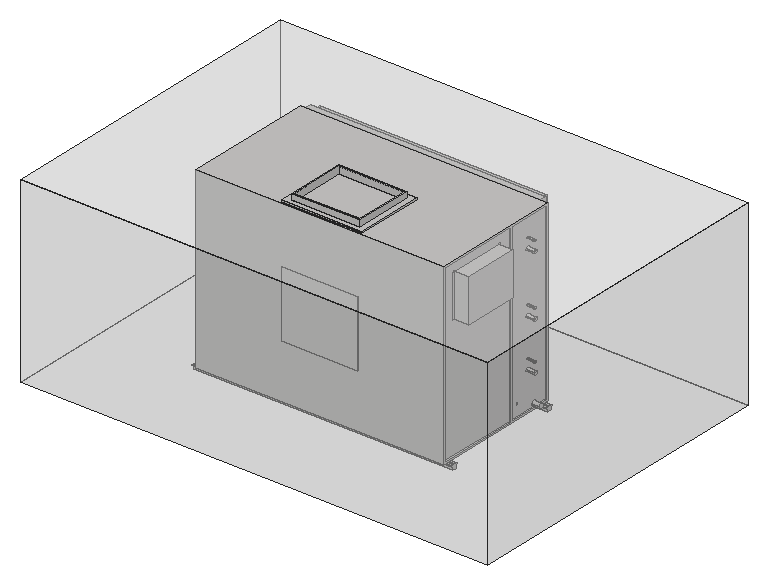
Revit family "outputfile", category 機械設備, Revit 2024
Family settings
  丸型コネクタ寸法 = 半径を使用
  パーツ タイプ = 標準
  OmniClass 番号 = 23.75.10.24.21.27.27
  OmniClass タイトル = Split System Air Conditioning Units
  作業面ベース = いいえ
  常に垂直 = はい
  ロード時にボイドで切り取り = いいえ
  注釈の向きを維持 = いいえ
  共有 = いいえ
  部屋計算ポイント = はい
Parameters (values of type "3FGN350HYL")
  Description = ""
  書き出し IFC クラス(タイプ) = "IfcUnitaryEquipmentType"
  定義済み IFC タイプ(タイプ) = "AIRCONDITIONINGUNIT"
  Cost = 0
  Type Comments = ""
  Keynote = ""
  Type Image = (empty or 0)
  Assembly Code = ""
  switch_frequency = yes
  lw_power = 1050 mm
  lw_frontpanel = 620 mm
  lw_box_front = lw_box + 18 mm  # 115 mm
  lw_box = 97 mm
  lw_RA = 981 mm
  lh_liquidpipe_3 = 424 mm
  lh_liquidpipe_2 = 819 mm
  lh_height_SA = 482 mm
  lh_ld_mountinghole_height = 35 mm
  lh_height_RA = 1326 mm
  lh_hangerfixture = 35 mm
  lh_gaspipe_3 = 344 mm
  lh_gaspipe_2 = 739 mm
  lh_frontpanel_bottom = if(Width = 1766 mm, 444 mm, if(Width = 2022 mm, 479 mm, 402 mm))  # 479 mm
  lh_frontpanel = if(Width = 1766 mm, 542 mm, if(Width = 2022 mm, 542 mm, 758 mm))  # 542 mm
  lh_circlevoid = 135.5 mm
  lh_box_top = 95 mm
  lh_box = 351 mm
  lh_SA = 1546 mm
  lh_RA = 788 mm
  ld_void = 680 mm
  ld_frontpanel = 0 mm
  ld_depth_SA = 301 mm
  ld_depth_RA = 130 mm
  ld_circlevoid = 294.5 mm
  ld_box_left = 114 mm
  ld_box = 490 mm
  connector_voltage = Voltage_60Hz  # 380 V
  connector_powerinput = [Power Input (Cooling)]  # 36.960 kW
  connector_phase = Phase_60Hz  # 3
  製造元 = "Daikin"
  モデル = "3FGN350HYL"
  w_pipe = 33 mm
  r_Liquid Pipe Size = Liquid Pipe Size / 2  # 6.35 mm
  r_Gas Pipe Size = Gas Pipe Size / 2  # 12.7 mm
  r_Drain Pipe Size = Drain Pipe Size / 2  # 17.0 mm
  lw_powersupply = lw_power  # 1050 mm
  lw_width_RA = 1852 mm
  lw_width_SA = 560 mm
  lh_suctionflange [instance] = 100 mm
  ld_suctionflange [instance] = 190 mm
  ld_powersupply = 200 mm
  angle_vertical_RA [instance] = 90.00°
  angle horizontal_RA [instance] = 180.00°
  Voltage_comment_60Hz = "380"
  Voltage_60Hz = 380 V
  URL = ""
  Sound Power Level_H speed (dB) = 0
  Phase_60Hz = 3
  Minimum External Static Pressure = 0.00 Pa
  Minimum Circuit Amps_60Hz = 0.0 A
  Maximum Fuse Amps_60Hz = 0.0 A
  Maximum External Static Pressure = 200.00 Pa
  Material_Casing = DAIKIN_GalvanizedSteel_Casing_indoorunit
  lw_liquidpipe = 1061 mm
  lw_gaspipe = 1061 mm
  lw_mountinghole_pitch = 2082 mm
  lw_mountinghole = 2122 mm
  lw_drainpipe = 1061 mm
  lh_powersupply = 1040 mm
  lh_liquidpipe = 1313 mm
  lh_gaspipe = 1233 mm
  lh_mountinghole = 5 mm
  lh_drainpipe = 73 mm
  lh_antena = Height - 4 mm  # 1482 mm
  ld_liquidpipe = 346.5 mm
  ld_gaspipe = 346.5 mm
  ld_mountinghole_pitch = 974 mm
  ld_drainpipe = 405.5 mm
  ld_controlbox = 626 mm
  h*** = 0 mm  # constant formula
  d_dischargeflange = 60 mm
  Width = 2022 mm
  Version = "ver.1.0"
  Unit Type = "Duct"
  Unit Mass Weight = 431.00 kg
  Unit Designation [instance] = ""
  Uniclass2015Version = "Products v1.30"
  Uniclass2015Title = "Split coil room air conditioning units"
  Uniclass2015Code = "Pr_70_65_03_86"
  Total Cooling Capacity [instance] = 0.000 kW
  Sound Pressure Level_M speed (dBA) = 0
  Sound Pressure Level_L speed (dBA) = 0
  Sound Pressure Level_H speed (dBA) = 66
  Series = "Package Aircon_Fan Coil Unit"
  Sensible Cooling Capacity [instance] = 0.000 kW
  SA Duct Size Width = 560 mm
  SA Duct Size Height = 482 mm
  Refrigerant Type = "R410A"
  RA Duct Size Width = 1852 mm
  RA Duct Size Height = 1326 mm
  Power Input (Cooling) = 36.960 kW
  Option Accessory 3 [instance] = ""
  Option Accessory 2 [instance] = ""
  Option Accessory 1 [instance] = ""
  Nominal Cooling Capacity = 100.234 kW
  Minimum Airflow = 0.00 m³/h
  Median Airflow = 0.00 m³/h
  Maximum Airflow = 17840.00 m³/h
  Load Classification = HVAC
  Liquid Pipe Size = 12.7 mm
  Link_Nested Family [instance] = ""
  IfcVersion = ""
  IfcExportType = "AIRCONDITIONINGUNIT"
  IfcExportAs = "IfcUnitaryEquipmentType"
  Height = 1486 mm
  Heat Exchanger Type = "Cross Fin Coil"
  Gas Pipe Size = 25.4 mm
  Frequency_60Hz = 60 Hz
  Fan Type = "Sirocco Fan"
  Fan Drive = "-"
  FCU Tag No. [instance] = ""
  Drain Pipe Size = 34.0 mm
  Design Supply Airflow [instance] = 0.00 m³/h
  Design Return Airflow [instance] = 0.00 m³/h
  Design External Static Pressure [instance] = 0.00 Pa
  Depth = 1069 mm
  既定の高さ = 0 mm
  Cooling Entering Wet Bulb Temperature [instance] = 0.00 °C
  Cooling Entering Dry Bulb Temperature [instance] = 0.00 °C
  Cooling Ambient Wet Bulb Temperature [instance] = 0.00 °C
  Cooling Ambient Dry Bulb Temperature [instance] = 0.00 °C
  Clearance visibility [instance] = yes
  Clearance Top = 0 mm
  Clearance Right = 1000 mm
  Clearance Rear = 800 mm
  Clearance Left = 800 mm
  Clearance Front = 800 mm
  Clearance Bottom = 0 mm
Reference planes
  plane 1 "Center (Front/Back)": y = 0
  plane 2: z = 0
  plane 3 "Center (Left/Right)": x = 0
  plane 4 "Back": y = 534.5
  plane 5 "Front": y = -534.5
  plane 6 "Left": x = -1011
  plane 7 "Right": x = 1011
  plane 8 "Top": z = 0
  plane 9 "Bottom": z = -1486
  plane 10: z = -173
  plane 11: z = -253
  plane 12: x = -1041
  plane 13: x = 1041
  plane 14: x = 1061
  plane 15: x = 1061
  plane 16: z = -1481
  plane 17 "Clearance Left": x = -1811
  plane 18 "Clearance Right": x = 2011
  plane 19 "Clearance Rear": y = 1334.5
  plane 20 "Clearance Front": y = -1334.5
  plane 21 "Clearance Bottom": z = -1486
  plane 22: z = -1413
  plane 23 "ld_gas": y = 346.5
  plane 24: y = 346.5
  plane 25: y = -30
  plane 26: y = 405.5
  plane 27: y = 344.5
  plane 28: x = 1061
  plane 29: y = 487
  plane 30: y = -487
  plane 31: y = -233.5
  plane 32: y = 664.5
  plane 33 "Clearance Top": z = 0
  plane 34: z = -446
  plane 35: y = -200
  plane 36 "hangerfixture": z = -1451
  plane 37 "lh_SA": z = 60
  plane 38 "lh_RA": z = -698
  plane 39 "RA_center": x = -30
  plane 40: y = -524.5
  plane 41: y = 155.5
  plane 42: y = 524.5
  plane 43: z = -10
  plane 44: z = -1441
  plane 45: y = 165.5
  plane 46: y = -524.5
  plane 47: y = 155.5
  plane 48: y = 524.5
  plane 49: z = -10
  plane 50: z = -1441
  plane 51: y = 165.5
  plane 52: x = 993
  plane 53: x = 1108
  plane 54: y = -420.5
  plane 55: y = -400.5
  plane 56: y = 49.5
  plane 57: y = 69.5
  plane 58 "box_bottom": z = -446
  plane 59 "box_top": z = -95
  plane 60: x = -310
  plane 61: x = 310
  plane 62: y = -534.5
  plane 63: y = -524.5
  plane 64 "lw_power": x = 1050
  plane 65: z = -667
  plane 66: z = -747
  plane 67: z = -1062
  plane 68: z = -1142
  plane 69: x = 991
  plane 70: x = -991
  plane 71: z = -1007
  plane 72: z = -465
Forms (mm)
  Extrusion 1, solid, material "DAIKIN_GalvanizedSteel_Casing_indoorunit" <- "Material_Casing"
    sketch origin (0, -0.8, 0) x (1, 0, 0) y (0, 1, 0)
      loop
        line (-1011, -533.7) -> (1011, -533.7) -> (1011, 535.3) -> (-1011, 535.3) -> (-1011, -533.7)
    from -1451 to 0
  Revolve 2, solid, material "DAIKIN_GalvanizedSteel_Casing_indoorunit" <- "Material_Casing"
    sketch origin (0, 0, -253) x (0, -1, 0) y (1, 0, 0)
      loop
        line (-333.8, 991) -> (-333.8, 1061) -> (-346.5, 1061) -> (-346.5, 991) -> (-333.8, 991)
      axis (-346.5, 991) -> (-346.5, 1061)
    angle from 0 to 360
  Revolve 3, solid, material "DAIKIN_GalvanizedSteel_Casing_indoorunit" <- "Material_Casing"
    sketch origin (0, 0, -173) x (0, -1, 0) y (1, 0, 0)
      loop
        line (-346.5, 991) -> (-346.5, 1061) -> (-352.85, 1061) -> (-352.85, 991) -> (-346.5, 991)
      axis (-346.5, 1061) -> (-346.5, 991)
    angle from 0 to 360
  Extrusion 4, solid, material "DAIKIN_GalvanizedSteel_Casing_indoorunit" <- "Material_Casing"
    sketch origin (0, 0, 0) x (0, 1, 0) y (0, 0, 1)
      loop
        circle (405.5, -1413) r 17
    from 1061 to 991
  Extrusion 5, void
    sketch origin (1011, 0, 0) x (0, 1, 0) y (0, 0, 1)
      loop
        line (-524.5, -10) -> (-524.5, -1441) -> (155.5, -1441) -> (155.5, -10) -> (-524.5, -10)
      loop
        line (524.5, -10) -> (165.5, -10) -> (165.5, -1441) -> (524.5, -1441) -> (524.5, -10)
    from 0 to -20
  Extrusion 6, void
    sketch origin (-1011, 0, 0) x (0, 1, 0) y (0, 0, 1)
      loop
        line (-524.5, -10) -> (-524.5, -1441) -> (155.5, -1441) -> (155.5, -10) -> (-524.5, -10)
      loop
        line (524.5, -10) -> (165.5, -10) -> (165.5, -1441) -> (524.5, -1441) -> (524.5, -10)
    from 0 to 20
  Extrusion 7, solid, material "DAIKIN_GalvanizedSteel_Casing_indoorunit" <- "Material_Casing"
    sketch origin (0, 0, 0) x (1, 0, 0) y (0, 1, 0)
      loop
        line (991, -420.5) -> (993, -420.5) -> (993, -400.5) -> (1108, -400.5) -> (1108, 49.5) -> (993, 49.5) -> (993, 69.5) -> (991, 69.5) -> (991, -420.5)
    from -446 to -95
  Extrusion 8, solid, material "DAIKIN_GalvanizedSteel_Casing_indoorunit" <- "Material_Casing"
    sketch origin (0, 0, -1486) x (-1, 0, 0) y (0, -1, 0)
      loop
        line (310, 524.5) -> (310, 534.5) -> (-310, 534.5) -> (-310, 524.5) -> (310, 524.5)
    from 479 to 1021
  Revolve 9, solid, material "DAIKIN_GalvanizedSteel_Casing_indoorunit" <- "Material_Casing"
    sketch origin (0, 0, -747) x (0, -1, 0) y (1, 0, 0)
      loop
        line (-333.8, 991) -> (-333.8, 1061) -> (-346.5, 1061) -> (-346.5, 991) -> (-333.8, 991)
      axis (-346.5, 991) -> (-346.5, 1061)
    angle from 0 to 360
  Revolve 10, solid, material "DAIKIN_GalvanizedSteel_Casing_indoorunit" <- "Material_Casing"
    sketch origin (0, 0, -667) x (0, -1, 0) y (1, 0, 0)
      loop
        line (-346.5, 991) -> (-346.5, 1061) -> (-352.85, 1061) -> (-352.85, 991) -> (-346.5, 991)
      axis (-346.5, 1061) -> (-346.5, 991)
    angle from 0 to 360
  Extrusion 11, void
    sketch origin (1011, 0, 0) x (0, 1, 0) y (0, 0, 1)
      loop
        circle (240, -1350.5) r 13.5
    from -21 to 0
  Revolve 12, solid, material "DAIKIN_GalvanizedSteel_Casing_indoorunit" <- "Material_Casing"
    sketch origin (0, 0, -1142) x (0, -1, 0) y (1, 0, 0)
      loop
        line (-333.8, 991) -> (-333.8, 1061) -> (-346.5, 1061) -> (-346.5, 991) -> (-333.8, 991)
      axis (-346.5, 991) -> (-346.5, 1061)
    angle from 0 to 360
  Revolve 13, solid, material "DAIKIN_GalvanizedSteel_Casing_indoorunit" <- "Material_Casing"
    sketch origin (0, 0, -1062) x (0, -1, 0) y (1, 0, 0)
      loop
        line (-346.5, 991) -> (-346.5, 1061) -> (-352.85, 1061) -> (-352.85, 991) -> (-346.5, 991)
      axis (-346.5, 1061) -> (-346.5, 991)
    angle from 0 to 360
Cuts and joins
  Extrusion 5, Extrusion 6, Extrusion 11 cuts Extrusion 1
  Extrusion 6 cuts Revolve 2
  Extrusion 6 cuts Revolve 3
  Extrusion 6 cuts Extrusion 4
Dimensions and locks
  equal spacing: plane 12, plane 3 "Center (Left/Right)", plane 13
  "lw_mountinghole_pitch": plane 12 to plane 13
  "lh_liquidpipe": plane 10 to plane 9 "Bottom"
  "lh_gaspipe": plane 11 to plane 9 "Bottom"
  equal spacing: plane 6 "Left", plane 3 "Center (Left/Right)", plane 7 "Right"
  "Width": plane 6 "Left" to plane 7 "Right"
  "Clearance Right": plane 7 "Right" to plane 18 "Clearance Right"
  "Clearance Left": plane 17 "Clearance Left" to plane 6 "Left"
  "Clearance Rear": plane 19 "Clearance Rear" to plane 4 "Back"
  "Clearance Front": plane 5 "Front" to plane 20 "Clearance Front"
  "Depth": plane 4 "Back" to plane 5 "Front"
  equal spacing: plane 4 "Back", plane 1 "Center (Front/Back)", plane 5 "Front"
  "ld_suctionflange": plane 4 "Back" to plane 27
  "r_Liquid Pipe Size": nested 5 to Revolve 3 sketch curve
  equal spacing: plane 29, plane 1 "Center (Front/Back)", plane 30
  "ld_mountinghole_pitch": plane 29 to plane 30
  "lw_liquidpipe": plane 3 "Center (Left/Right)" to plane 14
  "lw_gaspipe": plane 3 "Center (Left/Right)" to plane 15
  "lw_drainpipe": plane 3 "Center (Left/Right)" to plane 28
  "lh_drainpipe": plane 22 to plane 9 "Bottom"
  "Clearance Top": plane 33 "Clearance Top" to plane 8 "Top"
  "Clearance Bottom": plane 9 "Bottom" to plane 21 "Clearance Bottom"
  "lh_powersupply": plane 34 to plane 9 "Bottom"
  plane 8 "Top" to level = 0 mm
  "lh_hangerfixture": plane 36 "hangerfixture" to plane 9 "Bottom"
  "lh_SA": plane 37 "lh_SA" to plane 9 "Bottom"
  "ld_depth_RA": plane 32 to plane 4 "Back"
  "lh_RA": plane 38 "lh_RA" to plane 9 "Bottom"
  "lw_RA": plane 6 "Left" to plane 39 "RA_center"
  locked: plane 36 "hangerfixture" to plane 44 at 10
  plane 5 "Front" to plane 40 = 10 mm
  locked: plane 8 "Top" to plane 43 at 10
  plane 42 to plane 4 "Back" = 10 mm
  "ld_void": plane 40 to plane 41
  "ld_void": plane 46 to plane 47
  plane 5 "Front" to plane 46 = 10 mm
  plane 48 to plane 4 "Back" = 10 mm
  locked: plane 8 "Top" to plane 49 at 10
  locked: plane 50 to plane 36 "hangerfixture" at 10
  "ld_box_left": plane 54 to plane 5 "Front"
  "ld_box": plane 57 to plane 54
  locked: plane 55 to plane 54 at 20
  locked: plane 57 to plane 56 at 20
  "lw_box": plane 7 "Right" to plane 53
  "lh_box_top": plane 8 "Top" to plane 59 "box_top"
  "lh_box": plane 59 "box_top" to plane 58 "box_bottom"
  equal spacing: plane 60, plane 3 "Center (Left/Right)", plane 61
  "lw_power": plane 3 "Center (Left/Right)" to plane 64 "lw_power"
  "lh_gaspipe_2": plane 66 to plane 9 "Bottom"
  "lh_liquidpipe_2": plane 65 to plane 9 "Bottom"
  "ld_powersupply": plane 35 to plane 1 "Center (Front/Back)"
  "ld_drainpipe": plane 26 to plane 1 "Center (Front/Back)"
  "ld_gaspipe": plane 23 "ld_gas" to plane 1 "Center (Front/Back)"
  "r_Gas Pipe Size": plane 23 "ld_gas" to Revolve 9 sketch curve
  "r_Gas Pipe Size": plane 23 "ld_gas" to Revolve 2 sketch curve
  "r_Liquid Pipe Size": Revolve 10 sketch curve to plane 24
  "ld_liquidpipe": plane 24 to plane 1 "Center (Front/Back)"
  "ld_depth_SA": plane 31 to plane 5 "Front"
  "lh_circlevoid": Extrusion 11 sketch curve to plane 9 "Bottom"
  "Height": plane 8 "Top" to plane 9 "Bottom"
  "lh_mountinghole": plane 16 to plane 9 "Bottom"
  "lh_gaspipe_3": plane 68 to plane 9 "Bottom"
  "lh_liquidpipe_3": plane 67 to plane 9 "Bottom"
  "ld_circlevoid": Extrusion 11 sketch curve to plane 4 "Back"
  "lw_box_front": plane 52 to plane 53
  locked: plane 69 to plane 7 "Right" at 20
  locked: plane 6 "Left" to plane 70 at 20
  "lh_frontpanel_bottom": plane 71 to plane 9 "Bottom"
  "lh_frontpanel": plane 72 to plane 71
  "r_Gas Pipe Size": plane 24 to Revolve 12 sketch curve
  "r_Liquid Pipe Size": Revolve 13 sketch curve to plane 24
  "lw_frontpanel": plane 60 to plane 61
  locked: plane 63 to plane 5 "Front" at 10
  "ld_frontpanel": plane 5 "Front" to plane 62
  locked: plane 41 to plane 45 at 10
  locked: plane 47 to plane 51 at 10
  "r_Drain Pipe Size": radius of Extrusion 4 sketch curve
  diameter of Extrusion 11 sketch curve = 27 mm
  aligned and locked: level to plane 2
  aligned and locked: plane 8 "Top" to Extrusion 1
  aligned and locked: Revolve 2 sketch curve to Revolve 2 sketch curve
  aligned and locked: plane 14 to nested 5
  aligned and locked: nested 5 to plane 10
  aligned and locked: plane 13 to nested 2
  aligned and locked: plane 12 to nested 3
  aligned and locked: plane 12 to nested 4
  aligned and locked: nested 6 to plane 11
  aligned and locked: plane 23 "ld_gas" to nested 6
  aligned and locked: plane 24 to nested 5
  aligned and locked: Extrusion 4 sketch curve to plane 26
  aligned and locked: nested 10 to plane 19 "Clearance Rear"
  aligned and locked: nested 10 to plane 18 "Clearance Right"
  aligned and locked: nested 10 to plane 17 "Clearance Left"
  aligned and locked: nested 10 to plane 20 "Clearance Front"
  aligned and locked: plane 28 to Extrusion 4
  aligned and locked: plane 15 to nested 6
  aligned and locked: plane 13 to nested 1
  aligned and locked: plane 26 to nested 7
  aligned and locked: nested 7 to plane 22
  aligned and locked: nested 7 to plane 28
  aligned and locked: plane 29 to nested 1
  aligned and locked: plane 30 to nested 2
  aligned and locked: nested 4 to plane 29
  aligned and locked: nested 3 to plane 30
  aligned and locked: nested 9 to plane 4 "Back"
  aligned and locked: plane 32 to nested 13
  aligned and locked: plane 3 "Center (Left/Right)" to nested 12
  aligned and locked: nested 10 to plane 33 "Clearance Top"
  aligned and locked: nested 10 to plane 21 "Clearance Bottom"
  aligned and locked: nested 11 to plane 9 "Bottom"
  aligned and locked: plane 36 "hangerfixture" to Extrusion 1
  aligned and locked: Extrusion 1 to plane 5 "Front"
  aligned and locked: Extrusion 1 to plane 4 "Back"
  aligned and locked: plane 38 "lh_RA" to nested 9
  aligned and locked: nested 13 to plane 38 "lh_RA"
  aligned and locked: plane 39 "RA_center" to nested 9
  aligned and locked: nested 13 to plane 39 "RA_center"
  aligned and locked: Extrusion 5 sketch curve to plane 43
  aligned and locked: Extrusion 5 sketch curve to plane 40
  aligned and locked: plane 44 to Extrusion 5 sketch curve
  aligned and locked: Extrusion 5 sketch curve to plane 41
  aligned and locked: plane 43 to Extrusion 5 sketch curve
  aligned and locked: Extrusion 5 sketch curve to plane 42
  aligned and locked: Extrusion 5 sketch curve to plane 44
  aligned and locked: Extrusion 5 sketch curve to plane 45
  aligned and locked: Extrusion 6 sketch curve to plane 49
  aligned and locked: Extrusion 6 sketch curve to plane 46
  aligned and locked: plane 50 to Extrusion 6 sketch curve
  aligned and locked: Extrusion 6 sketch curve to plane 47
  aligned and locked: plane 49 to Extrusion 6 sketch curve
  aligned and locked: Extrusion 6 sketch curve to plane 48
  aligned and locked: Extrusion 6 sketch curve to plane 50
  aligned and locked: Extrusion 6 sketch curve to plane 51
  aligned and locked: cut or joined group of Extrusion 1, Extrusion 5, Extrusion 6, Extrusion 11 to Extrusion 7 sketch curve
  aligned and locked: plane 57 to Extrusion 7 sketch curve
  aligned and locked: plane 53 to Extrusion 7 sketch curve
  aligned and locked: Extrusion 7 sketch curve to plane 54
  aligned and locked: plane 59 "box_top" to Extrusion 7
  aligned and locked: Extrusion 7 to plane 58 "box_bottom"
  aligned and locked: Extrusion 8 sketch curve to plane 63
  aligned and locked: Extrusion 8 sketch curve to plane 60
  aligned and locked: plane 62 to Extrusion 8 sketch curve
  aligned and locked: plane 61 to Extrusion 8 sketch curve
  aligned and locked: Revolve 9 sketch curve to Revolve 9 sketch curve
  aligned and locked: nested 15 to plane 65
  aligned and locked: nested 16 to plane 66
  aligned and locked: plane 14 to Revolve 10
  aligned and locked: nested 15 to plane 14
  aligned and locked: cut or joined group of Revolve 2, Extrusion 6 to plane 15  (x3)
  aligned and locked: nested 6 to plane 15
  aligned and locked: plane 15 to cut or joined group of Revolve 2, Extrusion 6
  aligned and locked: nested 14 to plane 35
  aligned and locked: Revolve 2 sketch curve to plane 23 "ld_gas"
  aligned and locked: plane 23 "ld_gas" to nested 16
  aligned and locked: plane 24 to nested 15
  aligned and locked: plane 37 "lh_SA" to nested 12
  aligned and locked: plane 37 "lh_SA" to nested 8
  aligned and locked: plane 31 to nested 12
  aligned and locked: plane 31 to nested 8
  aligned and locked: cut or joined group of Extrusion 1, Extrusion 5, Extrusion 6, Extrusion 11 to cut or joined group of Extrusion 4, Extrusion 6
  aligned and locked: cut or joined group of Extrusion 1, Extrusion 5, Extrusion 6, Extrusion 11 to Revolve 10
  aligned and locked: Revolve 9 to cut or joined group of Extrusion 1, Extrusion 5, Extrusion 6, Extrusion 11
  aligned and locked: cut or joined group of Extrusion 1, Extrusion 5, Extrusion 6, Extrusion 11 to cut or joined group of Revolve 3, Extrusion 6
  aligned and locked: cut or joined group of Revolve 2, Extrusion 6 to cut or joined group of Extrusion 1, Extrusion 5, Extrusion 6, Extrusion 11
  aligned and locked: plane 52 to Extrusion 7 sketch curve
  aligned and locked: Extrusion 7 sketch curve to plane 55
  aligned and locked: Extrusion 7 sketch curve to plane 56
  aligned and locked: Extrusion 7 sketch curve to plane 52
  aligned and locked: nested 14 to plane 64 "lw_power"
  aligned and locked: nested 14 to plane 34
  aligned and locked: Revolve 12 sketch curve to Revolve 12 sketch curve
  aligned and locked: nested 17 to plane 67
  aligned and locked: nested 18 to plane 68
  aligned and locked: plane 70 to cut or joined group of Extrusion 1, Extrusion 5, Extrusion 6, Extrusion 11
  aligned and locked: Extrusion 5 to plane 69
  aligned and locked: plane 24 to nested 17
  aligned and locked: plane 23 "ld_gas" to nested 18
  aligned and locked: Extrusion 8 to plane 71
  aligned and locked: plane 72 to Extrusion 8
Automatic sketch dimensions
  Extrusion 1 sketch curve to plane 4 "Back" = 0 mm
  Extrusion 1 sketch curve to plane 6 "Left" = 0 mm
  Extrusion 1 sketch curve to plane 5 "Front" = 0 mm
  Extrusion 1 sketch curve to plane 7 "Right" = 0 mm
  Revolve 3 sketch curve to plane 23 "ld_gas" = 0 mm  (x2)
  Revolve 3 sketch curve to plane 14 = 0 mm  (x2)
  Revolve 3 sketch curve to plane 7 "Right" = 20 mm
  plane 7 "Right" to Revolve 3 sketch curve = 15 mm
  Extrusion 4 sketch curve to plane 22 = 0 mm
  Revolve 10 sketch curve to plane 23 "ld_gas" = 0 mm  (x2)
  Revolve 10 sketch curve to plane 14 = 0 mm  (x2)
  Revolve 10 sketch curve to plane 7 "Right" = 20 mm
  plane 7 "Right" to Revolve 10 sketch curve = 15 mm
  Revolve 13 sketch curve to plane 14 = 0 mm  (x2)
  Revolve 13 sketch curve to plane 23 "ld_gas" = 0 mm  (x2)
  Revolve 13 sketch curve to plane 7 "Right" = 20 mm
  plane 7 "Right" to Revolve 13 sketch curve = 15 mm
  Revolve 2 sketch curve to plane 69 = 0 mm
  Revolve 2 sketch curve to plane 14 = 0 mm
  plane 7 "Right" to Revolve 2 sketch curve = 2.003 mm
  plane 14 to Revolve 2 sketch curve = 1.003 mm
  Revolve 9 sketch curve to plane 23 "ld_gas" = 0 mm
  Revolve 9 sketch curve to plane 69 = 0 mm
  Revolve 9 sketch curve to plane 14 = 0 mm
  plane 7 "Right" to Revolve 9 sketch curve = 2.003 mm
  plane 14 to Revolve 9 sketch curve = 1.003 mm
  Revolve 12 sketch curve to plane 23 "ld_gas" = 0 mm
  Revolve 12 sketch curve to plane 69 = 0 mm
  Revolve 12 sketch curve to plane 14 = 0 mm
  plane 7 "Right" to Revolve 12 sketch curve = 2.003 mm
  plane 14 to Revolve 12 sketch curve = 1.003 mm
Nested families
  nested 1: "daikin_mountinghole" at (1041, 487, -1486), Link_Nested Family <- "Link_Nested Family", h_mountinghole <- "lh_mountinghole", l_antenna <- "lh_antena", type "daikin_mountinghole"
    with show yes, l_antenna 1482 mm, h_mountinghole 5 mm, Link_Nested Family "", d_circle 23 mm
  nested 2: "daikin_mountinghole" at (1041, -487, -1486), Link_Nested Family <- "Link_Nested Family", h_mountinghole <- "lh_mountinghole", l_antenna <- "lh_antena", type "daikin_mountinghole"
    with show yes, l_antenna 1482 mm, h_mountinghole 5 mm, Link_Nested Family "", d_circle 23 mm
  nested 3: "daikin_mountinghole" at (-1041, -487, -1486), Link_Nested Family <- "Link_Nested Family", h_mountinghole <- "lh_mountinghole", l_antenna <- "lh_antena", type "daikin_mountinghole"
    with show yes, l_antenna 1482 mm, h_mountinghole 5 mm, Link_Nested Family "", d_circle 23 mm
  nested 4: "daikin_mountinghole" at (-1041, 487, -1486), Link_Nested Family <- "Link_Nested Family", h_mountinghole <- "lh_mountinghole", l_antenna <- "lh_antena", type "daikin_mountinghole"
    with show yes, l_antenna 1482 mm, h_mountinghole 5 mm, Link_Nested Family "", d_circle 23 mm
  nested 5: "daikin_connector_rotate2" at (0, 346.5, -173) x (0, 1, 0) z (0, 0, 1), length <- "lw_liquidpipe", built-in parameter 1001364 <- "lh_liquidpipe", radius <- "r_Liquid Pipe Size", type "daikin_connector_rotate2"
    with radius 6.35 mm, length 1061 mm, angle_vertical 90.00°
  nested 6: "daikin_connector_rotate2" at (0, 346.5, -253) x (0, 1, 0) z (0, 0, 1), length <- "lw_gaspipe", built-in parameter 1001364 <- "lh_gaspipe", radius <- "r_Gas Pipe Size", type "daikin_connector_rotate2"
    with radius 12.7 mm, length 1061 mm, angle_vertical 90.00°
  nested 7: "daikin_connector_rotate2" at (0, 405.5, -1413) x (0, 1, 0) z (0, 0, 1), built-in parameter 1001364 <- "lh_drainpipe", length <- "lw_drainpipe", radius <- "r_Drain Pipe Size", type "daikin_connector_rotate2"
    with radius 17 mm, length 1061 mm, angle_vertical 90.00°
  nested 8: "daikin_connector_rotate2" at (0, -233.5, 0) x (1, 0, 0) z (0, 1, 0), length <- "d_dischargeflange", type "daikin_connector_rotate2"
    with radius 10 mm, length 60 mm, angle_vertical 90.00°
  nested 9: "daikin_ductflange_3FGN-HYL" at (-30, 534.5, -698), material <- "Material_Casing", width <- "lw_width_RA", height <- "lh_height_RA", depth <- "ld_depth_RA", type "daikin_ductflange_3FGN-HYL"
    with x 35 mm, width 1852 mm, material DAIKIN_GalvanizedSteel_Casing_indoorunit, height 1326 mm, depth 130 mm
  nested 10: "daikin_clearancespace" at (100, 0, -742.881), visible <- "Clearance visibility", show <- "Clearance visibility", Link_Nested Family <- "Link_Nested Family", type "daikin_clearancespace"
    with width 3822 mm, show yes, height 1486 mm, depth 2669 mm, Link_Nested Family ""
  nested 11: "daikin_hangerfixture_3FGN-HYL" at (0, 0, -1486), type "daikin_hangerfixture_3FGN-HYL"
    with width 2082 mm, G 2122 mm
  nested 12: "daikin_ductflange_3FGN-HYL_1" at (0, -422.901, 0) x (1, 0, 0) z (0, 1, 0), width <- "lw_width_SA", material <- "Material_Casing", height <- "lh_height_SA", depth <- "d_dischargeflange", type "daikin_ductflange_3FGN-HYL_1"
    with width 560 mm, t 10 mm, material DAIKIN_GalvanizedSteel_Casing_indoorunit, height 482 mm, depth 60 mm
  nested 13: "daikin_connector_rotate2" at (-30, 534.5, -698) x (-1, 0, 0) z (0, 0, 1), length <- "ld_depth_RA", type "daikin_connector_rotate2"
    with radius 10 mm, length 130 mm, angle_vertical 90.00°
  nested 14: "daikin_connector_rotate2" at (1050, -200, -95) x (0, 1, 0) z (1, 0, 0), length <- "lh_box", type "daikin_connector_rotate2"
    with radius 10 mm, length 351 mm, angle_vertical 90.00°
  nested 15: "daikin_connector_rotate2" at (0, 346.5, -667) x (0, 1, 0) z (0, 0, 1), length <- "lw_liquidpipe", built-in parameter 1001364 <- "lh_liquidpipe", radius <- "r_Liquid Pipe Size", type "daikin_connector_rotate2"
    with radius 6.35 mm, length 1061 mm, angle_vertical 90.00°
  nested 16: "daikin_connector_rotate2" at (0, 346.5, -747) x (0, 1, 0) z (0, 0, 1), length <- "lw_gaspipe", built-in parameter 1001364 <- "lh_gaspipe", radius <- "r_Gas Pipe Size", type "daikin_connector_rotate2"
    with radius 12.7 mm, length 1061 mm, angle_vertical 90.00°
  nested 17: "daikin_connector_rotate2" at (0, 346.5, -1062) x (0, 1, 0) z (0, 0, 1), length <- "lw_liquidpipe", built-in parameter 1001364 <- "lh_liquidpipe", radius <- "r_Liquid Pipe Size", type "daikin_connector_rotate2"
    with radius 6.35 mm, length 1061 mm, angle_vertical 90.00°
  nested 18: "daikin_connector_rotate2" at (0, 346.5, -1142) x (0, 1, 0) z (0, 0, 1), length <- "lw_gaspipe", built-in parameter 1001364 <- "lh_gaspipe", radius <- "r_Gas Pipe Size", type "daikin_connector_rotate2"
    with radius 12.7 mm, length 1061 mm, angle_vertical 90.00°
Connectors
  piping at (1061, 346.5, -253), diameter 25.4, driven by "r_Gas Pipe Size"
    settings: on nested 6, index 1, connector inside diameter 609.6 mm, connector length 0 mm, flow factor 0, pipe flow 0.00 m³/h, pressure drop 0.0 Pa, fitting loss kfactor 0, connector angle 0.00°, fixture units 0, engagement length 0 mm, angle of deflection 0.00°, flow configuration 1, flow direction 2, fitting loss method 0, system type 29, joint type 0, gender type 0, connector reference index -1, connector utility 0, adjustable connector no, is connector primary yes, connector description "Refrigerant Gas Piping"
  piping at (1061, 346.5, -173), diameter 12.7, driven by "r_Liquid Pipe Size"
    settings: on nested 5, index 2, connector inside diameter 609.6 mm, connector length 0 mm, flow factor 0, pipe flow 0.00 m³/h, pressure drop 0.0 Pa, fitting loss kfactor 0, connector angle 0.00°, fixture units 0, engagement length 0 mm, angle of deflection 0.00°, flow configuration 1, flow direction 1, fitting loss method 0, system type 29, joint type 0, gender type 0, connector reference index -1, connector utility 0, adjustable connector no, is connector primary no, connector description "Refrigerant Liquid Piping"
  piping at (1061, 405.5, -1413), diameter 34, driven by "r_Drain Pipe Size"
    settings: on nested 7, index 3, connector inside diameter 609.6 mm, connector length 0 mm, flow factor 0, pipe flow 0.00 m³/h, pressure drop 0.0 Pa, fitting loss kfactor 0, connector angle 0.00°, fixture units 0, engagement length 0 mm, angle of deflection 0.00°, flow configuration 1, flow direction 2, fitting loss method 4, system type 16, joint type 0, gender type 0, connector reference index -1, connector utility 0, adjustable connector no, is connector primary no, connector description "Condensate Drain Piping"
  hvac at (0, -233.5, 60), driven by "SA Duct Size Height", driven by "SA Duct Size Width"
    settings: on nested 8, index 7, duct flow 0.00 m³/h, flow factor 0, pres drop 0.00 Pa, loss coef 0, conn angle 0.00°, conn width 560.0 mm, conn height 482.0 mm, conn diameter 609.6 mm, duct sys type 1, conn prof type 1, flow config 0, flow direction 2, loss method 4, conn ref index -1, conn util no, is conn primary yes, conn desc "SA Duct"
  hvac at (-30, 664.5, -698), driven by "RA Duct Size Width", driven by "RA Duct Size Height"
    settings: on nested 13, index 8, duct flow 0.00 m³/h, flow factor 0, pres drop 0.00 Pa, loss coef 0, conn angle 0.00°, conn width 1852.0 mm, conn height 1326.0 mm, conn diameter 609.6 mm, duct sys type 2, conn prof type 1, flow config 0, flow direction 1, loss method 4, conn ref index -1, conn util no, is conn primary no, conn desc "RA Duct"
  electrical at (1050, -200, -446), driven by "Load Classification", driven by "connector_phase", driven by "connector_powerinput", driven by "connector_voltage"
    settings: on nested 14, index 9, voltage 380 V, apparent load 36960 VA, apparent load phase1 0 VA, apparent load phase2 0 VA, apparent load phase3 0 VA, power factor 1, load classification "HVAC", number of poles 3, system type 30, power factor state 1, is connector primary yes, connector utility no, sub classification motor no, connector description "Power Supply"
  piping at (1061, 346.5, -747), diameter 25.4, driven by "r_Gas Pipe Size"
    settings: on nested 16, index 10, connector inside diameter 609.6 mm, connector length 0 mm, flow factor 0, pipe flow 0.00 m³/h, pressure drop 0.0 Pa, fitting loss kfactor 0, connector angle 0.00°, fixture units 0, engagement length 0 mm, angle of deflection 0.00°, flow configuration 1, flow direction 2, fitting loss method 0, system type 29, joint type 0, gender type 0, connector reference index -1, connector utility 0, adjustable connector no, is connector primary no, connector description "Refrigerant Gas Piping"
  piping at (1061, 346.5, -667), diameter 12.7, driven by "r_Liquid Pipe Size"
    settings: on nested 15, index 11, connector inside diameter 609.6 mm, connector length 0 mm, flow factor 0, pipe flow 0.00 m³/h, pressure drop 0.0 Pa, fitting loss kfactor 0, connector angle 0.00°, fixture units 0, engagement length 0 mm, angle of deflection 0.00°, flow configuration 1, flow direction 1, fitting loss method 0, system type 29, joint type 0, gender type 0, connector reference index -1, connector utility 0, adjustable connector no, is connector primary no, connector description "Refrigerant Liquid Piping"
  piping at (1061, 346.5, -1142), diameter 25.4, driven by "r_Gas Pipe Size"
    settings: on nested 18, index 12, connector inside diameter 609.6 mm, connector length 0 mm, flow factor 0, pipe flow 0.00 m³/h, pressure drop 0.0 Pa, fitting loss kfactor 0, connector angle 0.00°, fixture units 0, engagement length 0 mm, angle of deflection 0.00°, flow configuration 1, flow direction 2, fitting loss method 0, system type 29, joint type 0, gender type 0, connector reference index -1, connector utility 0, adjustable connector no, is connector primary no, connector description "Refrigerant Gas Piping"
  piping at (1061, 346.5, -1062), diameter 12.7, driven by "r_Liquid Pipe Size"
    settings: on nested 17, index 13, connector inside diameter 609.6 mm, connector length 0 mm, flow factor 0, pipe flow 0.00 m³/h, pressure drop 0.0 Pa, fitting loss kfactor 0, connector angle 0.00°, fixture units 0, engagement length 0 mm, angle of deflection 0.00°, flow configuration 1, flow direction 1, fitting loss method 0, system type 29, joint type 0, gender type 0, connector reference index -1, connector utility 0, adjustable connector no, is connector primary no, connector description "Refrigerant Liquid Piping"
Definition of nested family "daikin_ductflange_3FGN-HYL"
  Parameters (values of type "daikin_ductflange_2FGN-HTL")
    x [instance] = if(width = 1636 mm, 15 mm, 35 mm)  # 15 mm
    width [instance] = 1636 mm
    material [instance] = none
    height [instance] = 747 mm
    depth [instance] = 130 mm
    Default Elevation = 0 mm
  Reference planes
    plane 1 "Center (Front/Back)": y = 0
    plane 2: z = 0
    plane 3 "Center (Left/Right)": x = 0
    plane 4: x = -818
    plane 5: x = 818
    plane 6: z = 373.5
    plane 7: z = -373.5
    plane 8: y = 80
    plane 9: y = 130
    plane 10: x = -813
    plane 11: x = 813
    plane 12: z = -368.5
    plane 13: z = 368.5
    plane 14: x = -833
    plane 15: x = 833
    plane 16: z = 393.5
    plane 17: z = -380
  Forms (mm)
    Extrusion 1, solid, material <- "material"
      sketch origin (0, 0, 0) x (1, 0, 0) y (0, 0, 1)
        loop
          line (-833, 393.5) -> (-833, -380) -> (833, -380) -> (833, 393.5) -> (-833, 393.5)
        loop
          line (-813, 368.5) -> (-813, -368.5) -> (813, -368.5) -> (813, 368.5) -> (-813, 368.5)
      from 0 to -80
    Extrusion 2, solid, material <- "material"
      sketch origin (0, 0, 0) x (1, 0, 0) y (0, 0, 1)
        loop
          line (-818, 373.5) -> (-818, -373.5) -> (818, -373.5) -> (818, 373.5) -> (-818, 373.5)
        loop
          line (813, 368.5) -> (-813, 368.5) -> (-813, -368.5) -> (813, -368.5) -> (813, 368.5)
      from -130 to -80
  Cuts and joins
    joined: Extrusion 1, Extrusion 2
  Dimensions and locks
    equal spacing: plane 5, plane 3 "Center (Left/Right)", plane 4
    "width": plane 5 to plane 4
    equal spacing: plane 6, level, plane 7
    "height": plane 6 to plane 7
    locked: plane 1 "Center (Front/Back)" to plane 8 at 80
    "depth": plane 1 "Center (Front/Back)" to plane 9
    plane 6 to plane 13 = 5 mm
    plane 12 to plane 7 = 5 mm
    plane 5 to plane 11 = 5 mm
    plane 10 to plane 4 = 5 mm
    "x": plane 4 to plane 14
    "x": plane 15 to plane 5
    locked: plane 16 to plane 6 at 20
    locked: plane 7 to plane 17 at 6.5
    aligned and locked: level to plane 2
    aligned and locked: Extrusion 1 to plane 8
    aligned and locked: plane 1 "Center (Front/Back)" to Extrusion 1
    aligned and locked: Extrusion 2 to plane 9
    aligned and locked: Extrusion 2 to Extrusion 1
    aligned and locked: plane 13 to Extrusion 2 sketch curve
    aligned and locked: plane 11 to Extrusion 2 sketch curve
    aligned and locked: Extrusion 2 sketch curve to plane 12
    aligned and locked: Extrusion 2 sketch curve to plane 10
    aligned and locked: Extrusion 1 sketch curve to plane 16
    aligned and locked: plane 14 to Extrusion 1 sketch curve
    aligned and locked: plane 17 to Extrusion 1 sketch curve
    aligned and locked: Extrusion 1 sketch curve to plane 15
  Automatic sketch dimensions
    Extrusion 2 sketch curve to plane 4 = 0 mm
    Extrusion 2 sketch curve to plane 5 = 0 mm
    Extrusion 2 sketch curve to plane 7 = 0 mm
    Extrusion 2 sketch curve to plane 6 = 0 mm
    plane 4 to Extrusion 1 sketch curve = 5 mm
    Extrusion 1 sketch curve to plane 5 = 5 mm
    plane 7 to Extrusion 1 sketch curve = 5 mm
    Extrusion 1 sketch curve to plane 6 = 5 mm
Definition of nested family "daikin_clearancespace"
  Parameters (values of type "daikin_clearancespace")
    Description = "daikin_clearancespace"
    width [instance] = 1823.963 mm
    show [instance] = yes
    material = none
    height [instance] = 1359.762 mm
    depth [instance] = 880 mm
    Default Elevation = 0 mm
    Link_Nested Family [instance] = ""
  Reference planes
    plane 1 "Center (Front/Back)": y = 0
    plane 2 "Center (Elevation)": z = -0.119
    plane 3 "Center (Left/Right)": x = 0
    plane 4: y = 440
    plane 5: y = -440
    plane 6 "Right": x = 911.982
    plane 7 "Left": x = -911.982
    plane 8 "Top": z = 679.762
    plane 9 "Bottom": z = -680
  Forms (mm)
    Extrusion 1, solid, material <- "material", visible <- "show"
      sketch origin (0, 0, 0) x (1, 0, 0) y (0, 1, 0)
        loop
          line (-911.982, 440) -> (-911.982, -440) -> (911.982, -440) -> (911.982, 440) -> (-911.982, 440)
      from -680 to 679.762
  Lines and regions (mm)
    symbolic lines, visible <- "show"
      curve 1: line (911.982, 440, 0) -> (-911.982, 440, 0)
      curve 2: line (-911.982, 440, 0) -> (-911.982, -440, 0)
      curve 3: line (-911.982, -440, 0) -> (911.982, -440, 0)
      curve 4: line (911.982, -440, 0) -> (911.982, 440, 0)
      curve 5: line (911.982, 0, 679.762) -> (-911.982, 0, 679.762)
      curve 6: line (911.982, 0, -680) -> (911.982, 0, 679.762)
      curve 7: line (-911.982, 0, -680) -> (911.982, 0, -680)
      curve 8: line (-911.982, 0, 679.762) -> (-911.982, 0, -680)
      curve 9: line (0, 440, 679.762) -> (0, -440, 679.762)
      curve 10: line (0, -440, 679.762) -> (0, -440, -680)
      curve 11: line (0, 440, -680) -> (0, 440, 679.762)
      curve 12: line (0, -440, -680) -> (0, 440, -680)
  Dimensions and locks
    "width": plane 7 "Left" to plane 6 "Right"
    "depth": plane 4 to plane 5
    "height": plane 8 "Top" to plane 9 "Bottom"
    equal spacing: plane 7 "Left", plane 3 "Center (Left/Right)", plane 6 "Right"
    equal spacing: plane 4, plane 1 "Center (Front/Back)", plane 5
    equal spacing: plane 8 "Top", plane 2 "Center (Elevation)", plane 9 "Bottom"
    aligned and locked: level to plane 2 "Center (Elevation)"
    aligned and locked: Extrusion 1 sketch curve to plane 4
    aligned and locked: plane 7 "Left" to Extrusion 1 sketch curve
    aligned and locked: Extrusion 1 sketch curve to plane 5
    aligned and locked: Extrusion 1 sketch curve to plane 6 "Right"
    aligned and locked: plane 8 "Top" to Extrusion 1
    aligned and locked: curve 1 to Extrusion 1
    aligned and locked: curve 2 to Extrusion 1
    aligned and locked: curve 3 to Extrusion 1
    aligned and locked: curve 4 to Extrusion 1
    aligned and locked: curve 5 to Extrusion 1
    aligned and locked: curve 6 to Extrusion 1
    aligned and locked: curve 7 to Extrusion 1
    aligned and locked: curve 8 to Extrusion 1
    aligned and locked: curve 9 to Extrusion 1
    aligned and locked: curve 10 to Extrusion 1
    aligned and locked: curve 11 to Extrusion 1
    aligned and locked: curve 12 to Extrusion 1
    aligned and locked: Extrusion 1 to plane 9 "Bottom"
Definition of nested family "daikin_hangerfixture_3FGN-HYL"
  Parameters (values of type "daikin_hangerfixture_2FGN-HTL")
    width = 1826 mm
    material = none
    height = 35 mm
    e = 40 mm
    depth = 974 mm
    Default Elevation = 0 mm
    G = 1866 mm
    E = 50 mm
  Reference planes
    plane 1 "Center (Front/Back)": y = 0
    plane 2: z = 0
    plane 3 "Center (Left/Right)": x = 0
    plane 4: x = 913
    plane 5: x = -913
    plane 6: z = 35
    plane 7: y = 487
    plane 8: y = -487
    plane 9: x = -933
    plane 10: x = 933
    plane 11: y = 527
    plane 12: y = -527
  Forms (mm)
    Extrusion 1, solid
      sketch origin (0, 0, 0) x (0, 1, 0) y (0, 0, 1)
        loop
          line (-499.93, 0) -> (-474.07, 0) -> (-474.07, 30) -> (-463.449, 30) -> (-463.449, 35) -> (-479.07, 35) -> (-479.07, 5) -> (-494.93, 5) -> (-494.93, 35) -> (-512.86, 35) -> (-512.86, 30) -> (-499.93, 30) -> (-499.93, 0)
        loop
          line (499.93, 0) -> (499.93, 30) -> (512.86, 30) -> (512.86, 35) -> (494.93, 35) -> (494.93, 5) -> (479.07, 5) -> (479.07, 35) -> (463.449, 35) -> (463.449, 30) -> (474.07, 30) -> (474.07, 0) -> (499.93, 0)
      from -933 to 933
    Extrusion 2, void
      sketch origin (0, 0, 0) x (1, 0, 0) y (0, 1, 0)
        loop
          circle (-913, 487) r 7.5
        loop
          circle (-913, -487) r 7.5
        loop
          circle (913, -487) r 7.5
        loop
          circle (913, 487) r 7.5
      from 0 to 9
  Cuts and joins
    Extrusion 2 cuts Extrusion 1
  Dimensions and locks
    "width": plane 5 to plane 4
    equal spacing: plane 5, plane 3 "Center (Left/Right)", plane 4
    "depth": plane 8 to plane 7
    equal spacing: plane 8, plane 1 "Center (Front/Back)", plane 7
    "height": plane 6 to level
    "e": plane 7 to plane 11
    "e": plane 12 to plane 8
    equal spacing: plane 9, plane 3 "Center (Left/Right)", plane 10
    "G": plane 9 to plane 10
    Extrusion 1 sketch curve to Extrusion 1 sketch curve to Extrusion 1 sketch curve to plane 8 to Extrusion 1 sketch curve to Extrusion 1 sketch curve to Extrusion 1 sketch curve = 12.93 mm locked, 5 mm locked, 7.93 mm locked, 7.93 mm locked, 5 mm locked, 10.621 mm locked
    Extrusion 1 sketch curve to Extrusion 1 sketch curve to Extrusion 1 sketch curve to plane 7 to Extrusion 1 sketch curve to Extrusion 1 sketch curve to Extrusion 1 sketch curve = 10.621 mm locked, 5 mm locked, 7.93 mm locked, 7.93 mm locked, 5 mm locked, 12.93 mm locked
    aligned and locked: level to plane 2
    aligned and locked: Extrusion 1 to plane 9
    aligned and locked: plane 10 to Extrusion 1
    aligned and locked: plane 7 to Extrusion 2 sketch curve  (x2)
    aligned and locked: plane 5 to Extrusion 2 sketch curve  (x2)
    aligned and locked: plane 8 to Extrusion 2 sketch curve  (x2)
    aligned and locked: plane 4 to Extrusion 2 sketch curve  (x2)
  Automatic sketch dimensions
    Extrusion 1 sketch curve to plane 6 = 0 mm  (x4)
    Extrusion 1 sketch curve to level = 0 mm  (x2)
    Extrusion 1 sketch curve to plane 6 = 5 mm  (x3)
    level to Extrusion 1 sketch curve = 5 mm  (x2)
    Extrusion 1 sketch curve to Extrusion 1 sketch curve = 5 mm
    radius of Extrusion 2 sketch curve = 7.5 mm  (x4)
Definition of nested family "daikin_ductflange_3FGN-HYL_1"
  Parameters (values of type "daikin_ductflange_2FDN200HTL_1")
    width [instance] = 474 mm
    t [instance] = 10 mm
    material [instance] = none
    height [instance] = 408 mm
    depth [instance] = 60 mm
    Default Elevation = 0 mm
  Reference planes
    plane 1 "Center (Front/Back)": y = 0
    plane 2: z = 189.401
    plane 3 "Center (Left/Right)": x = 0
    plane 4: y = 0
    plane 5: y = -60
    plane 6: y = -10
    plane 7: z = 393.401
    plane 8: z = -14.599
    plane 9: x = -227
    plane 10: x = 227
    plane 11: x = -237
    plane 12: x = 237
    plane 13: z = 383.401
    plane 14: z = -4.599
    plane 15: x = -287
    plane 16: z = 433.401
    plane 17: z = -54.599
    plane 18: x = 287
  Forms (mm)
    Extrusion 1, solid, material <- "material"
      sketch origin (0, 0, 0) x (1, 0, 0) y (0, 0, 1)
        loop
          line (-237, 393.401) -> (-237, -14.599) -> (237, -14.599) -> (237, 393.401) -> (-237, 393.401)
        loop
          line (-227, 383.401) -> (-227, -4.599) -> (227, -4.599) -> (227, 383.401) -> (-227, 383.401)
      from 10 to 60
    Extrusion 2, solid, material <- "material"
      sketch origin (0, 0, 0) x (1, 0, 0) y (0, 0, 1)
        loop
          line (-287, 433.401) -> (-287, -54.599) -> (287, -54.599) -> (287, 433.401) -> (-287, 433.401)
        loop
          line (-227, 383.401) -> (-227, -4.599) -> (227, -4.599) -> (227, 383.401) -> (-227, 383.401)
      from 0 to 10
  Cuts and joins
    joined: Extrusion 1, Extrusion 2
  Dimensions and locks
    plane 4 to plane 1 "Center (Front/Back)" = 0 mm
    "depth": plane 5 to plane 4
    plane 6 to plane 4 = 10 mm
    equal spacing: plane 7, level, plane 8
    "height": plane 7 to plane 8
    equal spacing: plane 10, plane 3 "Center (Left/Right)", plane 9
    "t": plane 9 to plane 11
    "t": plane 12 to plane 10
    "t": plane 7 to plane 13
    "t": plane 14 to plane 8
    plane 11 to plane 15 = 50 mm
    plane 18 to plane 12 = 50 mm
    plane 16 to plane 7 = 40 mm
    plane 8 to plane 17 = 40 mm
    "width": plane 12 to plane 11
    aligned and locked: level to plane 2
    aligned and locked: Extrusion 1 sketch curve to plane 7
    aligned and locked: plane 11 to Extrusion 1 sketch curve
    aligned and locked: plane 8 to Extrusion 1 sketch curve
    aligned and locked: Extrusion 1 sketch curve to plane 12
    aligned and locked: Extrusion 1 sketch curve to plane 13
    aligned and locked: plane 9 to Extrusion 1 sketch curve
    aligned and locked: plane 14 to Extrusion 1 sketch curve
    aligned and locked: Extrusion 1 sketch curve to plane 10
    aligned and locked: plane 6 to Extrusion 1
    aligned and locked: Extrusion 1 to plane 5
    aligned and locked: Extrusion 2 sketch curve to plane 16
    aligned and locked: plane 15 to Extrusion 2 sketch curve
    aligned and locked: plane 17 to Extrusion 2 sketch curve
    aligned and locked: Extrusion 2 sketch curve to plane 18
    aligned and locked: Extrusion 2 sketch curve to Extrusion 1  (x4)
    aligned and locked: Extrusion 2 to plane 1 "Center (Front/Back)"
    aligned and locked: Extrusion 2 to plane 6
  Automatic sketch dimensions
    Extrusion 2 sketch curve to plane 15 = 0 mm
Definition of nested family "daikin_mountinghole"
  Parameters (values of type "daikin_mountinghole")
    Default Elevation = 1219.2 mm
    Type Comments = "mountinghole"
    show [instance] = yes
    material = none
    l_centerline = 100 mm
    l_antenna [instance] = 100 mm
    h_mountinghole [instance] = 0 mm
    d_circle = 30 mm
    Link_Nested Family [instance] = ""
  Reference planes
    plane 1 "Center (Front/Back)": y = 0
    plane 2: z = 0
    plane 3 "Center (Left/Right)": x = 0
    plane 4: y = 50
    plane 5: x = -50
    plane 6: x = 50
    plane 7: y = -50
    plane 8 "h_mountinghole": z = 0
    plane 9: z = 100
  Lines and regions (mm)
    model lines, detail levels fine
      curve 1: circle (0, 0, 0) r 15 normal (0, 0, 1)
      curve 2: line (-50, 0, 0) -> (50, 0, 0)
      curve 3: line (0, 50, 0) -> (0, -50, 0)
    symbolic lines, detail levels fine
      curve 4: circle (0, 0, 0) r 15 normal (0, 0, 1)
      curve 5: line (-50, 0, 0) -> (50, 0, 0)
      curve 6: line (0, 50, 0) -> (0, -50, 0)
    model lines
      curve 7: line (0, 0, 100) -> (0, 0, 0)
  Dimensions and locks
    equal spacing: plane 4, plane 1 "Center (Front/Back)", plane 7
    "l_centerline": plane 4 to plane 7
    equal spacing: plane 5, plane 3 "Center (Left/Right)", plane 6
    "l_centerline": plane 5 to plane 6
    "l_antenna": plane 9 to plane 8 "h_mountinghole"
    "h_mountinghole": plane 8 "h_mountinghole" to plane 2
    "d_circle": diameter of curve 1
    "d_circle": diameter of curve 4
    aligned and locked: level to plane 2
    aligned and locked: plane 1 "Center (Front/Back)" to curve 1
    aligned and locked: plane 3 "Center (Left/Right)" to curve 1
    aligned and locked: plane 1 "Center (Front/Back)" to curve 2
    aligned and locked: curve 3 to plane 3 "Center (Left/Right)"
    aligned and locked: plane 6 to curve 2
    aligned and locked: plane 5 to curve 2
    aligned and locked: plane 4 to curve 3
    aligned and locked: plane 7 to curve 3
    aligned and locked: plane 1 "Center (Front/Back)" to curve 4
    aligned and locked: plane 3 "Center (Left/Right)" to curve 4
    aligned and locked: plane 6 to curve 5
    aligned and locked: plane 5 to curve 5
    aligned and locked: plane 1 "Center (Front/Back)" to curve 5
    aligned and locked: plane 4 to curve 6
    aligned and locked: plane 7 to curve 6
    aligned and locked: curve 6 to plane 3 "Center (Left/Right)"
    aligned and locked: curve 7 to plane 3 "Center (Left/Right)"
    aligned and locked: plane 9 to curve 7
    aligned and locked: plane 8 "h_mountinghole" to curve 7
Definition of nested family "daikin_connector_rotate2"
  Parameters (values of type "daikin_connector_rotate2")
    show_face = no
    radius [instance] = 10 mm
    length [instance] = 600 mm
    d_surface = 10 mm
    angle_vertical [instance] = 90.00°
    Default Elevation = 0 mm
  Reference planes
    plane 1 "Center (Front/Back)": y = 0
    plane 2: z = 0
    plane 3 "Center (Left/Right)": x = 0
  Forms (mm)
    Extrusion 1, solid, visible <- "show_face"
      sketch origin (0, -600, 0) x (1, 0, 0) y (0, 0, 1)
        loop
          circle (0, 0) r 10
      from 0 to -10
  Lines and regions (mm)
    reference lines
      curve 1: line (0, 0, 0) -> (0, -600, 0)
    symbolic lines
      curve 2: circle (0, 0, 0) r 5 normal (0, 0, 1)
    model lines, visible <- "show_face"
      curve 3: line (0, 0, 0) -> (0, -600, 0)
  Dimensions and locks
    "length": curve 1 to curve 1
    "length": curve 3 to curve 3
    "d_surface": Extrusion 1 to Extrusion 1
    "radius": radius of Extrusion 1 sketch curve
    "angle_vertical": angle curve 1 to plane 1 "Center (Front/Back)"
    "angle_vertical": angle curve 3 to plane 1 "Center (Front/Back)"
    aligned and locked: level to plane 2
    aligned and locked: plane 1 "Center (Front/Back)" to curve 1
    aligned and locked: plane 2 to curve 1
    aligned and locked: plane 1 "Center (Front/Back)" to curve 2
    aligned and locked: plane 3 "Center (Left/Right)" to curve 2
    aligned and locked: plane 1 "Center (Front/Back)" to curve 3
    aligned and locked: plane 2 to curve 3
    aligned and locked: Extrusion 1 to Extrusion 1
  Automatic sketch dimensions
    Extrusion 1 sketch curve to level = 0 mm
    Extrusion 1 sketch curve to plane 3 "Center (Left/Right)" = 0 mm
    radius of curve 2 = 5 mm
